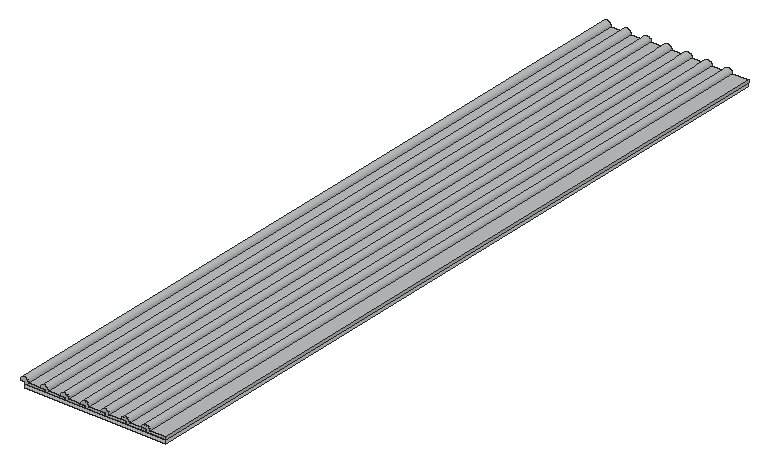
Revit family "Tambour Ellis .5 in - 18  x 90", category Generic Models, host Face, Revit 2023
Family settings
  Host = Face
  Can host rebar = No
  Round Connector Dimension = Use Diameter
  Part Type = Normal
  Cut with Voids When Loaded = No
  Maintain Annotation Orientation = No
  Shared = No
  Room Calculation Point = No
Parameters (values of type "Tambour Ellis - 18 X 90 - SW MATTE LIGHT GRAY")
  Tambour Material = Cambio Color Block - Morning Fog
  Default Elevation = 4' - 0"
Types (7): name | Tambour Material
  (no name) | Cambio Color Block - Morning Fog
  Tambour Ellis - 18 X 90 - OAK | Cambio Wood Veneer - Oak
  Tambour Ellis - 18 X 90 - WALNUT | Cambio Wood Veneer - Walnut
  Tambour Ellis - 18 X 90 - SW MATTE BLACK | Cambio Color Block - Tricorn Black
  Tambour Ellis - 18 X 90 - SW MATTE WHITE | Cambio Color Block - White Flour
  Tambour Ellis - 18 X 90 - SW MATTE GRAY | Cambio Color Block - Serious Gray
  Tambour Ellis - 18 X 90 - SW MATTE LIGHT GRAY | Cambio Color Block - Morning Fog
Reference planes (in)
  plane 1 "Center (Front/Back)": y = 0
  plane 2: z = 0
  plane 3 "Center (Left/Right)": x = 0
Dimensions and locks (in)
  aligned and locked: plane 2 to host face
  aligned and locked: level to host face
Nested families (in)
  nested 1: "17.5 x 90 Substrate" at (0, 0, 0), type "17.5 x 90 Substrate"
  nested 2: "Tambour Ellis Stick - 1in" at (-8.5, 0, 0.47244), type "TAMBOUR .5 X 90""
    with STICK LENGTH 7' - 6"
  nested 3: "Tambour Ellis Stick - 1in" at (-6, 0, 0.47244), type "TAMBOUR .5 X 90""
    with STICK LENGTH 7' - 6"
  nested 4: "Tambour Ellis Stick - 1in" at (-3.5, 0, 0.47244), type "TAMBOUR .5 X 90""
    with STICK LENGTH 7' - 6"
  nested 5: "Tambour Ellis Stick - 1in" at (-1, 0, 0.47244), type "TAMBOUR .5 X 90""
    with STICK LENGTH 7' - 6"
  nested 6: "Tambour Ellis Stick - 1in" at (1.5, 0, 0.47244), type "TAMBOUR .5 X 90""
    with STICK LENGTH 7' - 6"
  nested 7: "Tambour Ellis Stick - 1in" at (4, 0, 0.47244), type "TAMBOUR .5 X 90""
    with STICK LENGTH 7' - 6"
  nested 8: "Tambour Ellis Stick - 1in" at (6.5, 0, 0.47244), type "TAMBOUR .5 X 90""
    with STICK LENGTH 7' - 6"
Definition of nested family "17.5 x 90 Substrate"
  Parameters (values of type "17.5 x 90 Substrate")
    Width = 1' - 5 1/2"
    Substrate Material = none
    Substrate Height = 1' - 3"
    Height = 7' - 6"
    Default Elevation = 4' - 0"
  Reference planes (in)
    plane 1 "Center (Front/Back)": y = 0
    plane 2: z = 0
    plane 3 "Center (Left/Right)": x = 0
    plane 4: x = -9
  Forms (in)
    Extrusion 1, solid
      sketch origin (0, 0, 0) x (1, 0, 0) y (0, 1, 0)
        loop
          line (-48, 48) -> (-48, -48) -> (48, -48) -> (48, 48) -> (-48, 48)
      from 0 to -12
    Extrusion 2, solid, material <- "Substrate Material"
      sketch origin (0, 0, 0) x (1, 0, 0) y (0, 1, 0)
        loop
          line (-8.5, 45) -> (-8.5, -45) -> (9, -45) -> (9, 45) -> (-8.5, 45)
      from 0 to 0.47244
  Dimensions and locks (in)
    plane 4 to plane 3 "Center (Left/Right)" to Extrusion 2 sketch curve = 0' - 9", 0' - 9"
    equal spacing: Extrusion 2 sketch curve, plane 1 "Center (Front/Back)", Extrusion 2 sketch curve
    "Height": Extrusion 2 to Extrusion 2
    "Width": Extrusion 2 to Extrusion 2
    locked: plane 4 to Extrusion 2 sketch curve at 0.5
    aligned and locked: plane 2 to Extrusion 1
    aligned and locked: level to Extrusion 1
  Automatic sketch dimensions
    Extrusion 1 sketch curve to Extrusion 1 sketch curve = 8' - 0"  (x2)
    plane 1 "Center (Front/Back)" to Extrusion 2 sketch curve = 3' - 9"
Definition of nested family "Tambour Ellis Stick - 1in"
  Parameters (values of type "TAMBOUR .75 X 18" - OAK")
    TAMBOUR MATERIAL = none
    STICK LENGTH = 1' - 6"
    Default Elevation = 4' - 0"
  Types (25): name | STICK LENGTH
    (no name) | 1' - 6"
    TAMBOUR .75 X 18" - OAK | 1' - 6"
    TAMBOUR .75 X 36" - OAK | 3' - 0"
    TAMBOUR .75 X 54" - OAK | 4' - 6"
    TAMBOUR .75 X 90" - WALNUT | 7' - 6"
    TAMBOUR .75 X 18" - WALNUT | 1' - 6"
    TAMBOUR .75 X 36" - WALNUT | 3' - 0"
    TAMBOUR .75 X 54" - WALNUT | 4' - 6"
    TAMBOUR .75 X 90" - OAK | 7' - 6"
    TAMBOUR .75 X 18" - SW MATTE BLACK | 1' - 6"
    TAMBOUR .75 X 36" - SW MATTE BLACK | 3' - 0"
    TAMBOUR .75 X 54" - SW MATTE BLACK | 4' - 6"
    TAMBOUR .75 X 90" - SW MATTE BLACK | 7' - 6"
    TAMBOUR .75 X 90" - SW MATTE GREY | 7' - 6"
    TAMBOUR .75 X 54" - SW MATTE GREY | 4' - 6"
    TAMBOUR .75 X 36" - SW MATTE GREY | 4' - 6"
    TAMBOUR .75 X 18" - SW MATTE GREY | 1' - 6"
    TAMBOUR .75 X 18" -SW MATTE LIGHT GRAY | 1' - 6"
    TAMBOUR .75 X 36" -SW MATTE LIGHT GRAY | 3' - 0"
    TAMBOUR .75 X 54" -SW MATTE LIGHT GRAY | 4' - 6"
    TAMBOUR .75 X 90" -SW MATTE LIGHT GRAY | 7' - 6"
    TAMBOUR .75 X 90" -SW MATTE WHITE | 7' - 6"
    TAMBOUR .75 X 54" -SW MATTE WHITE | 4' - 6"
    TAMBOUR .75 X 36" -SW MATTE WHITE | 3' - 0"
    TAMBOUR .75 X 18" -SW MATTE WHITE | 1' - 6"
  Reference planes (in)
    plane 1 "Center (Front/Back)": y = 0
    plane 2: z = 0
    plane 3 "Center (Left/Right)": x = 0
    plane 4: y = -9
    plane 5: y = 9
  Forms (in)
    Extrusion 1, solid
      sketch origin (0, 0, 0) x (1, 0, 0) y (0, 1, 0)
        loop
          line (-48, 48) -> (-48, -48) -> (48, -48) -> (48, 48) -> (-48, 48)
      from 0 to -12
    Extrusion 2, solid, material <- "TAMBOUR MATERIAL"
      sketch origin (0, 0, 0) x (1, 0, 0) y (0, 0, 1)
        loop
          line (0, 0) -> (2.5, 0) -> (2.5, 0.25) -> (0.5, 0.25)
          arc (0.5, 0.25) -> (0, 0.75) -> (-0.5, 0.25) r 0.5
          line (-0.5, 0.25) -> (0, 0.25) -> (0, 0)
      from -9 to 9
  Dimensions and locks (in)
    equal spacing: plane 5, plane 1 "Center (Front/Back)", plane 4
    "STICK LENGTH": plane 5 to plane 4
    aligned and locked: plane 2 to Extrusion 1
    aligned and locked: level to Extrusion 1
    aligned and locked: Extrusion 2 to plane 4
    aligned and locked: plane 5 to Extrusion 2
  Automatic sketch dimensions
    Extrusion 1 sketch curve to Extrusion 1 sketch curve = 8' - 0"  (x2)
    Extrusion 2 sketch curve to plane 3 "Center (Left/Right)" = 0' - 0"  (x2)
    Extrusion 2 sketch curve to level = 0' - 0"
    plane 3 "Center (Left/Right)" to Extrusion 2 sketch curve = 0' - 0 1/2"
    Extrusion 2 sketch curve to Extrusion 2 sketch curve = 0' - 2"
    Extrusion 2 sketch curve to Extrusion 2 sketch curve = 0' - 0 1/4"
